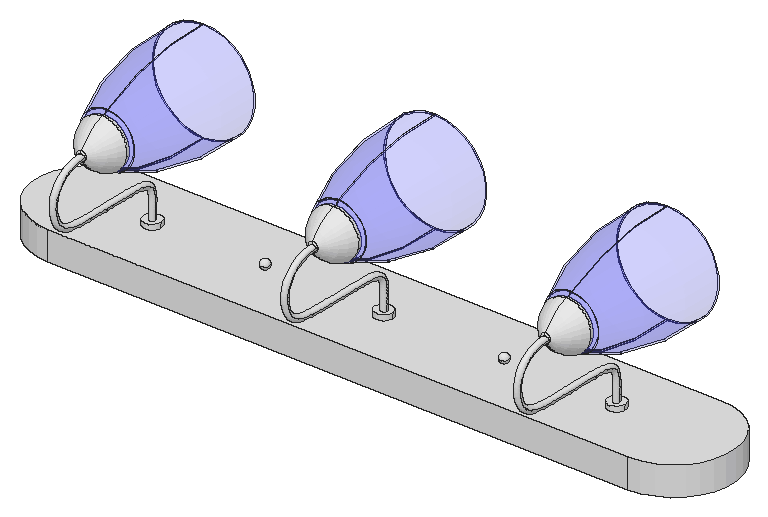
Revit family "P2708-09 3-100W MED BATH BRACKET", category Lighting Fixtures, host Face, Revit 2012
Parameters (values of type "P2708-09 3-100W MED BATH BRACKET")
  Wattage Comments = "100 W"  # constant formula
  Wattage Comment = ""
  URL = "http://www.progresslighting.com/"
  Product Page URL = "http://www.progresslighting.com/products.aspx?product=P2708-09"
  Product Documentation Link = "http://www.progresslighting.com/SpecSheets/P2708.pdf"
  Mounting = "Wall Mount"  # constant formula
  Model = "P2708-09"  # constant formula
  Manufacturer Phone = "864-678-1000"  # constant formula
  Manufacturer Fax = "864-678-1065"  # constant formula
  Manufacturer = "Progress Lighting"  # constant formula
  Lamp = "Three"  # constant formula
  Glass = Ethed Glass Shade
  Description = "Three-light bath"  # constant formula
  Default Elevation = 48"
  Back Plate = Plated Brushed Nickel
Reference planes (in)
  plane 1 "Center (Front/Back)": y = 0
  plane 2: z = 0
  plane 3 "Center (Left/Right)": x = 0
  plane 4: x = -12
  plane 5: x = 12
  plane 6: y = 2
  plane 7: y = -1.992
  plane 8: z = 1
Forms (in)
  Extrusion 1, solid, material "Plated Brushed Nickel" <- "Back Plate"
    sketch origin (0, 0.53536, 0) x (1, 0, 0) y (0, 1, 0)
      loop
        arc (-9.99269, 1.45863) -> (-11.98868, -0.53737) -> (-9.99269, -2.53337) r 1.996
        line (-9.99269, -2.53337) -> (10.0027, -2.53337)
        arc (10.0027, -2.53337) -> (11.9987, -0.53737) -> (10.0027, 1.45863) r 1.996
        line (10.0027, 1.45863) -> (-9.99269, 1.45863)
    from 0 to 1
  Revolve 2, solid, material "Plated Brushed Nickel" <- "Back Plate"
    sketch origin (3.98456, 0.00098, 1.11301) x (1, 0, 0) y (0, 1, 0)
      loop
        arc (-8.10963, -0.13694) -> (-7.95963, 0.01306) -> (-8.10963, 0.16306) r 0.15
        line (-8.10963, 0.16306) -> (-8.10963, -0.13694)
      axis (-8.10963, -0.13694) -> (-8.10963, 0.16306)
    angle from 0 to 360
  Revolve 3, solid, material "Plated Brushed Nickel" <- "Back Plate"
    sketch origin (-3.98456, 0.00098, 1.11301) x (-1, 0, 0) y (0, -1, 0)
      loop
        line (-8.10963, 0.13694) -> (-8.10963, -0.16306)
        arc (-8.10963, -0.16306) -> (-7.95963, -0.01306) -> (-8.10963, 0.13694) r 0.15
      axis (-8.10963, -0.16306) -> (-8.10963, 0.13694)
    angle from 0 to 360
Dimensions and locks (in)
  plane 4 to plane 3 "Center (Left/Right)" = 12"  (x2)
  plane 5 to plane 3 "Center (Left/Right)" = 12"
  plane 6 to plane 1 "Center (Front/Back)" = 2"
  locked: plane 8 to plane 2 at 1
  Extrusion 1 sketch curve to plane 4 = 2.00731"
  Extrusion 1 sketch curve to plane 1 "Center (Front/Back)" = 1.99398"
  Extrusion 1 sketch curve to Extrusion 1 sketch curve = 19.99538"  (x2)
  plane 7 to Extrusion 1 sketch curve = 3.98598"
  locked: plane 1 "Center (Front/Back)" to Extrusion 1 at 1.99398
  plane 1 "Center (Front/Back)" to Extrusion 1 = 1.99398"  (x2)
  locked: nested 1 to plane 3 "Center (Left/Right)" at 8  (x3)
  nested 2 to plane 5 = 4"
  locked: nested 1 to plane 4 at 4
  locked: plane 5 to nested 2 at 4
  plane 6 to Extrusion 1 sketch curve = 3.99801"
  locked: plane 1 "Center (Front/Back)" to nested 2 at 1.06978
  locked: plane 1 "Center (Front/Back)" to nested 1 at 1.06978
  locked: nested 2 to plane 5 at 4  (x2)
  locked: nested 3 to plane 3 "Center (Left/Right)" at 0.02649  (x2)
  locked: Revolve 2 sketch curve to Revolve 2 sketch curve at 0.3931
  locked: Revolve 2 sketch curve to plane 3 "Center (Left/Right)" at 4.12507
  locked: Revolve 3 sketch curve to Revolve 3 sketch curve at 0.3931
  locked: Revolve 3 sketch curve to plane 1 "Center (Front/Back)" at 0.22115
  radius of Extrusion 1 sketch curve = 1.996"  (x2)
  radius of Revolve 2 sketch curve = 0.15"
  radius of Revolve 3 sketch curve = 0.15"
  aligned and locked: plane 2 to host face
  aligned and locked: level to host face
  aligned and locked: plane 8 to Extrusion 1
  aligned and locked: Extrusion 1 to host face
  aligned and locked: Revolve 2 sketch curve to Revolve 2 sketch curve
  aligned and locked: Revolve 3 sketch curve to Revolve 3 sketch curve
Nested families (in)
  nested 1: "P2706_inverted" at (-8, -1.06978, 1), type "P2706-inverted"
  nested 2: "P2706_inverted" at (8, -1.06978, 1), type "P2706-inverted"
  nested 3: "P2706_inverted" at (-0.02649, -1.05843, 1), type "P2706-inverted"
Connectors (in)
  electrical at (0, 0.53536, 0)
    settings: on Extrusion 1, index 1, voltage 0 V, apparent load 0 VA, apparent load phase1 0 VA, apparent load phase2 0 VA, apparent load phase3 0 VA, power factor 1, load classification "Other", number of poles 1, system type 31, power factor state 1, is connector primary yes, connector utility no, sub classification motor no, connector description ""
Definition of nested family "P2706_inverted"
  Parameters (values of type "P2706_inverted")
    Wattage = 9.2903 W
    built-in parameter 1150110 = 1 (stored number, unit not read)
    built-in parameter 1114217 = 1 (stored number, unit not read)
    built-in parameter 1150109 = 1 (stored number, unit not read)
    built-in parameter 1150134 = 3
    built-in parameter 1150113 = 1 (stored number, unit not read)
    built-in parameter 1150105 = 109.82 (stored number, unit not read)
    Lumens = 1380 lm
    built-in parameter 1150115 = 1 (stored number, unit not read)
    Light Source Symbol Size = 3"
    built-in parameter 1150137 = (empty or 0)
    built-in parameter 1150139 = (empty or 0)
    built-in parameter 1150112 = 1 (stored number, unit not read)
    built-in parameter 1150114 = 1 (stored number, unit not read)
    built-in parameter 1150132 = (empty or 0)
    built-in parameter 1150102 = (empty or 0)
    built-in parameter 1150107 = 3200 (stored number, unit not read)
    built-in parameter 1150138 = (empty or 0)
    built-in parameter 1150106 = 1.0982 (stored number, unit not read)
    Glass = Ethed Glass Shade
    built-in parameter 1150104 = 13.8 (stored number, unit not read)
    Dimming Lamp Color Temperature Shift = (empty or 0)
    Default Elevation = 48"
    Color Filter = 16777215
    built-in parameter 1114218 = 1 (stored number, unit not read)
    Back Plate = none
    built-in parameter 1150133 = 10 (stored number, unit not read)
  Reference planes (in)
    plane 1 "Center (Front/Back)": y = 0
    plane 2: z = -1.32579
    plane 3 "Center (Left/Right)": x = 0
    plane 4: z = 5.17421
    plane 5: z = 1.83809
    plane 6: y = -0.97098
    plane 7: z = 5.16387
    plane 8: z = 3.42421
  Forms (in)
    Extrusion 1, solid
      sketch origin (0, 0, 0) x (1, 0, 0) y (0, 1, 0)
        loop
          line (-48, 48) -> (-48, -48) -> (48, -48) -> (48, 48) -> (-48, 48)
      from -1.32579 to -12
    Extrusion 2, solid, material <- "Back Plate"
      sketch origin (0, 0.05805, 0) x (-1, 0, 0) y (0, -1, 0)
        loop
          circle (-0.01972, -0.99512) r 0.3
      from 0 to 0.16387
    Sweep 3, solid, material <- "Back Plate"
      path origin (0, 0.1246, 0) x (0, -1, 0) y (0, 0, 1)
        loop
          spline (-0.92936, 0.16387) -> (-0.9305, 0.83136) -> (-0.73341, 1.28118) -> (-0.14975, 1.40768) -> (0.57246, 1.42309) -> (1.27196, 1.42516) -> (1.8772, 1.42987) -> (2.42911, 1.46258) -> (2.93419, 1.60051) -> (3.27733, 2.01163) -> (3.31266, 2.65062) -> (2.88802, 3.20254) -> (2.09345, 3.42421)
      profile origin (0, -1.7526, 1.42987) x (0, 0.024605, 0.999697) y (-1, 0, 0)
        loop
          circle (0, -0.02216) r 0.10287
    Revolve 4, solid, material "Ethed Glass Shade" <- "Glass"
      sketch origin (0, -0.12045, -1.32579) x (0, -1, 0) y (0, 0, 1)
        loop
          arc (-3.42574, 2.96847) -> (-1.28591, 3.09533) -> (0.74175, 3.79073) r 7.92917
          arc (0.74175, 3.79073) -> (0.82115, 3.86355) -> (0.85053, 3.96719) r 0.19752
          line (0.85053, 3.96719) -> (0.85053, 4.75) -> (0.80053, 4.75) -> (0.80053, 3.96826)
          arc (0.80053, 3.96826) -> (0.77833, 3.88993) -> (0.71832, 3.83491) r 0.14926
          arc (0.71832, 3.83491) -> (-1.298, 3.14391) -> (-3.42574, 3.01862) r 7.87917
          line (-3.42574, 3.01862) -> (-3.42574, 2.96847)
        axis (0.85053, 4.75) -> (-3.42574, 4.75)
      angle from 0 to 360
    Revolve 5, solid, material <- "Back Plate"
      sketch origin (0, -0.10456, 0) x (0, -1, 0) y (0, 0, 1)
        loop
          line (1.9006, 3.42421) -> (0.86641, 3.42421) -> (0.86641, 2.59003) -> (0.97372, 2.571)
          arc (0.97372, 2.571) -> (1.47824, 2.84497) -> (1.86429, 3.2699) r 1.71757
          arc (1.86429, 3.2699) -> (1.89041, 3.28636) -> (1.9006, 3.3155) r 0.04679
          line (1.9006, 3.3155) -> (1.9006, 3.42421)
        axis (1.9006, 3.42421) -> (0.86641, 3.42421)
      angle from 0 to 360
  Lines and regions (in)
    model lines
      curve 1: line (0, -2.00516, 3.42463) -> (0, -2.00516, 3.3155)
      curve 2: arc (0, -2.00516, 3.3155) -> (0, -2.01535, 3.28636) -> (0, -2.04147, 3.2699) r 0.04679
  Dimensions and locks (in)
    plane 5 to plane 4 = 3.33613"
    Extrusion 1 to plane 4 = 6.5"
    radius of Extrusion 2 sketch curve = 0.3"
    aligned and locked: plane 2 to Extrusion 1
    aligned and locked: Extrusion 2 to level
    aligned and locked: plane 3 "Center (Left/Right)" to imposter light
    aligned and locked: plane 6 to Revolve 4 sketch curve
    aligned and locked: plane 8 to Sweep 3
    aligned and locked: Revolve 5 sketch curve to curve 1
    aligned and locked: Revolve 5 sketch curve to plane 8
    aligned and locked: Revolve 5 sketch curve to Revolve 5 sketch curve
    aligned and locked: plane 8 to Sweep 3 sketch curve
    aligned and locked: Sweep 3 sketch curve to Extrusion 2
    aligned and locked: imposter light to plane 8
